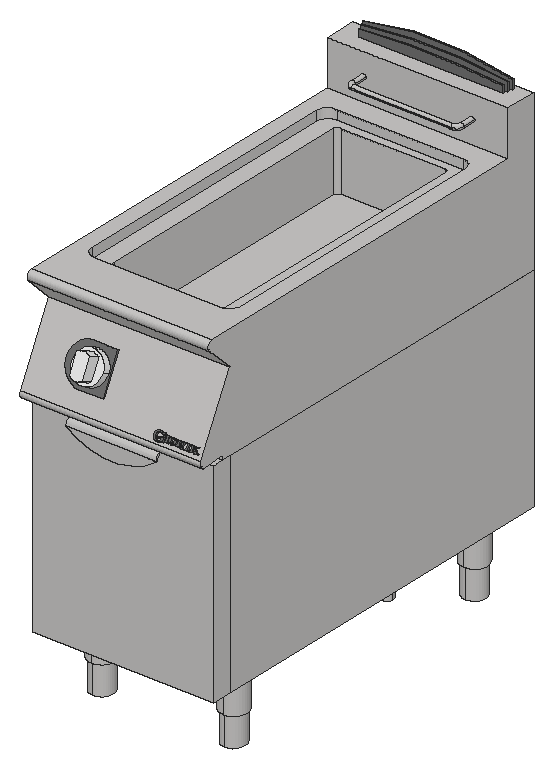
Revit family "QF_GIORIK_FG9113MT", category Specialty Equipment, Revit 2014
Parameters (values of type "FG9113MT")
  Weight in Pounds = 154.3234
  Watts = 100 W
  Volts = 230 V
  URL Cutsheet = "www.giorik.com"
  URL = "www.giorik.com"
  Status [instance] = ""
  Specification by User [instance] = ""
  Specification by Manufacturer = ""
  Show Logo [instance] = yes
  Show Clearance [instance] = yes
  Serial Number = ""
  Seismic Rating = ""
  SMACNA No = ""
  Revision Code [instance] = ""
  Phase = 1
  Number of Poles [instance] = 1
  NAFEM Spec ID Number = ""
  Model = "FG9113MT"
  Min Ckt Ampacity = 0 A
  Mechanical Remarks [instance] = "Natural Gas"
  Mechanical Connection Type [instance] = ""
  Max Overcurrent Protection = 0 A
  Masterspec = ""
  Manufacturer = "GIORIK"
  Item Number [instance] = ""
  Installed By [instance] = ""
  Identify Quantity as Lot [instance] = no
  HP = "0.134102000000"
  Gas Size = 1"
  Gas RI Height [instance] = 0 mm
  Gas KW = 11.5
  Gas Input = 11500 W
  Gas Connection Height [instance] = 150 mm
  Furnished By [instance] = ""
  Foodservice Equipment Identifier [instance] = yes
  FL Amps = 0 A
  Electrical Remarks [instance] = ""
  Electric Connection Type [instance] = ""
  Elec Conn RI Height [instance] = 0 mm
  Elec Conn Connection Height [instance] = 150 mm
  Description = "13 LITRE MELTING GAS FRYER."
  Cycle = 50 Hz
  Conn Plug = ""
  Conn Conduit [instance] = no
  CSI MasterFormat = ""
  Assembly Code = "E1090320"
  Apparent Power = 100 VA
Reference planes
  plane 1 "Back": y = 0
  plane 2: z = 0
  plane 3 "Left": x = 0
  plane 4 "Right": x = 400
  plane 5 "Front": y = -920
  plane 6 "Top": z = 900
Forms (mm)
  Extrusion 1, solid, visible <- "Show Logo"
    sketch origin (196.604, -935.76, 608.978) x (-1, 0, 0) y (0, 0.452718, 0.891654)
      loop
        line (-118.824, 58.358) -> (-127.804, 58.358) -> (-125.523, 56.445) -> (-125.523, 48.027) -> (-127.804, 46.113) -> (-118.824, 46.113) -> (-121.105, 48.027) -> (-121.105, 56.445) -> (-118.824, 58.358)
      loop
        line (-163.721, 58.358) -> (-172.7, 58.358) -> (-170.42, 56.445) -> (-170.42, 48.027) -> (-172.7, 46.113) -> (-163.721, 46.113) -> (-166.001, 48.027) -> (-166.001, 56.445) -> (-163.721, 58.358)
      loop
        line (-174.332, 58.358) -> (-183.312, 58.358) -> (-181.031, 56.445) -> (-181.031, 52.435) -> (-186.419, 56.955) -> (-184.416, 58.358) -> (-191.268, 58.358) -> (-188.01, 56.839) -> (-185.455, 54.283) -> (-190.846, 47.858) -> (-193.396, 46.93) -> (-193.396, 46.113) -> (-184.416, 46.113) -> (-185.437, 47.571) -> (-182.443, 51.552) -> (-181.031, 50.894) -> (-181.031, 48.027) -> (-183.312, 46.113) -> (-174.332, 46.113) -> (-176.613, 48.027) -> (-176.613, 56.445) -> (-174.332, 58.358)
      loop
        line (-115.429, 62.063) -> (-115.429, 54.198)
        arc (-115.429, 54.198) -> (-111.618, 57.803) -> (-106.847, 59.986) r 16.039
        arc (-106.847, 59.986) -> (-103.314, 59.837) -> (-100.512, 57.68) r 5.851
        arc (-100.512, 57.68) -> (-98.815, 52.267) -> (-100.512, 46.853) r 9.479
        arc (-100.512, 46.853) -> (-102.406, 44.986) -> (-104.846, 43.93) r 7.236
        arc (-104.846, 43.93) -> (-107.728, 44.111) -> (-110.052, 45.825) r 5.11
        line (-110.052, 45.825) -> (-110.052, 52.001) -> (-116.141, 52.001) -> (-116.141, 45.503) -> (-117.893, 43.751) -> (-114.094, 44.769)
        arc (-114.094, 44.769) -> (-112.56, 44.947) -> (-111.129, 44.366) r 3.115
        arc (-111.129, 44.366) -> (-104.216, 42.091) -> (-97.303, 44.366) r 11.641
        arc (-97.303, 44.366) -> (-93.396, 52.107) -> (-97.303, 59.849) r 9.622
        arc (-97.303, 59.849) -> (-104.369, 62.174) -> (-111.435, 59.849) r 11.898
        line (-111.435, 59.849) -> (-115.429, 62.063)
      loop
        arc (-129.234, 56.068) -> (-135.893, 58.628) -> (-142.552, 56.068) r 9.941
        arc (-142.552, 56.068) -> (-144.234, 52.286) -> (-142.552, 48.505) r 5.093
        arc (-142.552, 48.505) -> (-135.893, 45.945) -> (-129.234, 48.505) r 9.941
        arc (-129.234, 48.505) -> (-127.552, 52.286) -> (-129.234, 56.068) r 5.093
      loop
        arc (-132.628, 54.403) -> (-135.893, 57.668) -> (-139.158, 54.403) r 3.265
        line (-139.158, 54.403) -> (-139.158, 50.169)
        arc (-139.158, 50.169) -> (-135.893, 46.904) -> (-132.628, 50.169) r 3.265
        line (-132.628, 50.169) -> (-132.628, 54.403)
      loop
        arc (-156.363, 58.365) -> (-159.647, 55.081) -> (-156.363, 51.796) r 3.285
        line (-156.363, 51.796) -> (-159.529, 47.306) -> (-162.087, 46.113) -> (-155.847, 46.113) -> (-153.529, 51.083) -> (-150.637, 51.083) -> (-150.637, 47.784) -> (-153.022, 46.113) -> (-144.011, 46.113) -> (-146.094, 47.68) -> (-146.094, 56.493) -> (-144.229, 58.365) -> (-156.363, 58.365)
      loop
        line (-150.637, 57.512) -> (-153.637, 57.512)
        arc (-153.637, 57.512) -> (-156.237, 54.912) -> (-153.637, 52.312) r 2.6
        line (-153.637, 52.312) -> (-150.637, 52.312) -> (-150.637, 57.512)
      loop
        line (-108.924, 52.001) -> (-104.936, 49.005) -> (-100.948, 52.001) -> (-108.924, 52.001)
    from 1.5 to -0.5
  Extrusion 2, solid
    sketch origin (-16, 1025.81, 0) x (1, 0, 0) y (0, 1, 0)
      loop
        line (25, -1086.81) -> (25, -1156.81) -> (115, -1156.81) -> (115, -1086.81) -> (25, -1086.81)
    from 148 to 150
  Extrusion 3, solid
    sketch origin (-14, 0, 130) x (1, 0, 0) y (0, 1, 0)
      loop
        circle (54, -385) r 12.5
    from 0 to 20
  Extrusion 4, solid
    sketch origin (0, 800, -20) x (0, 1, 0) y (0, 0, 1)
      loop
        line (-800, 989.988) -> (-870, 989.988) -> (-870, 889.988) -> (-1688.669, 889.988)
        arc (-1688.669, 889.988) -> (-1699.014, 883.075) -> (-1696.586, 870.873) r 11.197
        line (-1696.586, 870.873) -> (-1640.738, 815.025) -> (-1718.81, 661.258)
        arc (-1718.81, 661.258) -> (-1718.095, 650.105) -> (-1707.98, 645.354) r 10.981
        line (-1707.98, 645.354) -> (-1659.862, 649.925) -> (-1659.862, 640) -> (-800, 640) -> (-800, 989.988)
    from 0 to 400
  Extrusion 5, solid
    sketch origin (0, -200, 599.536) x (1, 0, 0) y (0, 1, 0)
      loop
        line (0, -640) -> (40, -640) -> (40, 160) -> (360, 160) -> (360, -640) -> (400, -640) -> (400, 200) -> (0, 200) -> (0, -640)
    from -449.536 to 20.464
  Extrusion 6, solid
    sketch origin (0, -200, 0) x (1, 0, 0) y (0, 1, 0)
      loop
        line (40, 160) -> (40, -640) -> (360, -640) -> (360, 160) -> (40, 160)
    from 150 to 190
  Extrusion 7, solid
    sketch origin (-16, 360.81, 0) x (1, 0, 0) y (0, 1, 0)
      loop
        line (25, -1086.81) -> (25, -1156.81) -> (115, -1156.81) -> (115, -1086.81) -> (25, -1086.81)
    from 148 to 150
  Revolve 8, solid
    sketch origin (54, 360.81, 0) x (0, 1, 0) y (0, 0, 1)
      loop
        line (-1092.56, 66) -> (-1092.56, 148) -> (-1121.81, 148) -> (-1121.81, 0) -> (-1096.81, 0) -> (-1096.81, 66) -> (-1092.56, 66)
      axis (-1121.81, 0) -> (-1121.81, 148)
    angle from 0 to 360
  Revolve 9, solid
    sketch origin (54, 1025.81, 0) x (0, 1, 0) y (0, 0, 1)
      loop
        line (-1092.56, 66) -> (-1092.56, 148) -> (-1121.81, 148) -> (-1121.81, 0) -> (-1096.81, 0) -> (-1096.81, 66) -> (-1092.56, 66)
      axis (-1121.81, 0) -> (-1121.81, 148)
    angle from 0 to 360
  Extrusion 10, solid
    sketch origin (416, 360.81, 0) x (-1, 0, 0) y (0, -1, 0)
      loop
        line (25, 1086.81) -> (115, 1086.81) -> (115, 1156.81) -> (25, 1156.81) -> (25, 1086.81)
    from 148 to 150
  Revolve 11, solid
    sketch origin (346, 360.81, 0) x (0, 1, 0) y (0, 0, -1)
      loop
        line (-1092.56, -66) -> (-1096.81, -66) -> (-1096.81, 0) -> (-1121.81, 0) -> (-1121.81, -148) -> (-1092.56, -148) -> (-1092.56, -66)
      axis (-1121.81, 0) -> (-1121.81, -148)
    angle from 0 to 360
  Extrusion 12, solid
    sketch origin (416, -1217.81, 0) x (-1, 0, 0) y (0, -1, 0)
      loop
        line (25, -1086.81) -> (25, -1156.81) -> (115, -1156.81) -> (115, -1086.81) -> (25, -1086.81)
    from 148 to 150
  Revolve 13, solid
    sketch origin (346, -1217.81, 0) x (0, -1, 0) y (0, 0, 1)
      loop
        line (-1092.56, 66) -> (-1092.56, 148) -> (-1121.81, 148) -> (-1121.81, 0) -> (-1096.81, 0) -> (-1096.81, 66) -> (-1092.56, 66)
      axis (-1121.81, 0) -> (-1121.81, 148)
    angle from 0 to 360
  Extrusion 14, solid
    sketch origin (-293.221, -1163.345, 52.363) x (1, 0, 0) y (0, 0.452718, 0.891654)
      loop
        line (463.221, 676.25) -> (463.221, 766.25) -> (409.698, 766.25)
        arc (409.698, 766.25) -> (364.698, 721.25) -> (409.698, 676.25) r 45
        line (409.698, 676.25) -> (463.221, 676.25)
    from 48 to 50
  Extrusion 15, solid
    sketch origin (481.331, -1208.697, 74.959) x (-1, 0, 0) y (0, -0.45351, -0.891251)
      loop
        circle (351.331, -721.346) r 35
    from 0 to 15
  Extrusion 16, solid
    sketch origin (481.331, -1208.697, 74.959) x (-1, 0, 0) y (0, -0.45351, -0.891251)
      loop
        arc (336.331, -743.846) -> (351.331, -748.846) -> (366.331, -743.846) r 25
        line (366.331, -743.846) -> (366.331, -698.846)
        arc (366.331, -698.846) -> (351.331, -693.846) -> (336.331, -698.846) r 25
        line (336.331, -698.846) -> (336.331, -743.846)
    from 15 to 40
  Extrusion 17, solid
    sketch origin (-94, 0, 59.999) x (1, 0, 0) y (0, 0, 1)
      loop
        line (135, 909.989) -> (453, 909.989) -> (453, 925.527) -> (347.056, 931.749) -> (240.944, 931.749) -> (135, 925.527) -> (135, 909.989)
    from 32 to 35
  Extrusion 18, solid
    sketch origin (-92, 10, 59.999) x (1, 0, 0) y (0, 0, 1)
      loop
        line (454, 909.989) -> (454, 928.527) -> (346.162, 939.193) -> (237.838, 939.193) -> (130, 928.527) -> (130, 909.989) -> (454, 909.989)
    from 32 to 35
  Extrusion 19, solid
    sketch origin (-90, 20, 59.999) x (1, 0, 0) y (0, 0, 1)
      loop
        line (455, 909.989) -> (455, 930.527) -> (345.396, 947.413) -> (234.604, 947.413) -> (125, 930.527) -> (125, 909.989) -> (455, 909.989)
    from 32 to 35
  Extrusion 20, void
    sketch origin (0, -200, 819.988) x (0, 1, 0) y (-1, 0, 0)
      loop
        arc (80, -60) -> (72.678, -42.322) -> (55, -35) r 25
        line (55, -35) -> (-565.002, -35)
        arc (-565.002, -35) -> (-582.68, -42.322) -> (-590.002, -60) r 25
        line (-590.002, -60) -> (-590.002, -340)
        arc (-590.002, -340) -> (-582.68, -357.678) -> (-565.002, -365) r 25
        line (-565.002, -365) -> (55, -365)
        arc (55, -365) -> (72.678, -357.678) -> (80, -340) r 25
        line (80, -340) -> (80, -60)
    from -100 to 50
  Extrusion 21, solid
    sketch origin (0, -200, 900) x (0, 1, 0) y (-1, 0, 0)
      loop
        arc (80, -60) -> (72.678, -42.322) -> (55, -35) r 25
        line (55, -35) -> (-565.002, -35)
        arc (-565.002, -35) -> (-582.68, -42.322) -> (-590.002, -60) r 25
        line (-590.002, -60) -> (-590.002, -340)
        arc (-590.002, -340) -> (-582.68, -357.678) -> (-565.002, -365) r 25
        line (-565.002, -365) -> (55, -365)
        arc (55, -365) -> (72.678, -357.678) -> (80, -340) r 25
        line (80, -340) -> (80, -60)
      loop
        arc (60, -85.011) -> (57.071, -77.94) -> (50, -75.011) r 10
        line (50, -75.011) -> (-555.002, -75.011)
        arc (-555.002, -75.011) -> (-562.073, -77.94) -> (-565.002, -85.011) r 10
        line (-565.002, -85.011) -> (-565.002, -315)
        arc (-565.002, -315) -> (-562.073, -322.071) -> (-555.002, -325) r 10
        line (-555.002, -325) -> (50, -325)
        arc (50, -325) -> (57.071, -322.071) -> (60, -315) r 10
        line (60, -315) -> (60, -85.011)
    from -180.012 to -50
  Extrusion 22, solid
    sketch origin (0, -925, 0) x (1, 0, 0) y (0, 0, 1)
      loop
        line (0, 620) -> (0, 150) -> (400, 150) -> (400, 620) -> (0, 620)
    from -85 to -40
  Extrusion 23, solid
    sketch origin (0, -925, -20.1) x (0, 1, 0) y (0, 0, 1)
      loop
        arc (25, 640.1) -> (14.393, 635.707) -> (10, 625.1) r 15
        line (10, 625.1) -> (12, 625.1)
        arc (12, 625.1) -> (15.808, 634.292) -> (25, 638.1) r 13
        line (25, 638.1) -> (40, 638.1) -> (40, 640.1) -> (25, 640.1)
    from 97.5 to 297.5
  Extrusion 24, solid
    sketch origin (0, -924.905, -20.1) x (1, 0, 0) y (0, 0, 1)
      loop
        arc (97.5, 625.1) -> (197.5, 590.089) -> (297.5, 625.1) r 160.316
        line (297.5, 625.1) -> (97.5, 625.1)
    from -11.905 to -9.905
  Extrusion 25, solid, visible <- "Show Clearance", detail levels coarse
    sketch origin (395, -925, 0) x (-1, 0, 0) y (0, -1, 0)
      loop
        line (-5, -40) -> (395, -40)
        arc (395, -40) -> (277.534, 241.069) -> (-5, 354.968) r 395
        line (-5, 354.968) -> (-5, -40)
    from 150 to 620
  Extrusion 26, solid
    sketch origin (0, 0, 100) x (0, 1, 0) y (-1, 0, 0)
      loop
        circle (-380, -380) r 12.5
    from 30 to 50
  Sweep 27, solid
    path origin (0, 0, 919.988) x (0, 1, 0) y (-1, 0, 0)
      loop
        line (-70, -80) -> (-100, -80)
        arc (-100, -80) -> (-107.071, -82.929) -> (-110, -90) r 10
        line (-110, -90) -> (-110, -310)
        arc (-110, -310) -> (-107.071, -317.071) -> (-100, -320) r 10
        line (-100, -320) -> (-70, -320)
    profile origin (80, -85, 919.988) x (1, 0, 0) y (0, 0, 1)
      loop
        circle (0, 0) r 5
Cuts and joins
  Extrusion 20 cuts Extrusion 4
Lines and regions (mm)
  symbolic lines, style "200-EquipBorder-2D"
    curve 1: line (0, -920, 0) -> (400, -920, 0)
    curve 2: line (400, -920, 0) -> (400, 0, 0)
    curve 3: line (400, 0, 0) -> (0, 0, 0)
    curve 4: line (0, 0, 0) -> (0, -920, 0)
    curve 46: line (115, -927.413, 900) -> (115, -920, 900)
    curve 47: line (145, -927.413, 900) -> (145, -920, 900)
    curve 48: arc (145, -927.413, 900) -> (130, -929.894, 900) -> (115, -927.413, 900) r 46.582
  symbolic lines, style "200-EquipInternal-2D"
    curve 5: line (35, -12, 900) -> (365, -12, 900)
    curve 6: line (365, -12, 900) -> (365, -15, 900)
    curve 7: line (365, -15, 900) -> (35, -15, 900)
    curve 8: line (35, -15, 900) -> (35, -12, 900)
    curve 9: line (38, -22, 900) -> (362, -22, 900)
    curve 10: line (362, -22, 900) -> (362, -25, 900)
    curve 11: line (362, -25, 900) -> (38, -25, 900)
    curve 12: line (38, -25, 900) -> (38, -22, 900)
    curve 13: line (41, -32, 900) -> (359, -32, 900)
    curve 14: line (359, -32, 900) -> (359, -35, 900)
    curve 15: line (359, -35, 900) -> (41, -35, 900)
    curve 16: line (41, -35, 900) -> (41, -32, 900)
    curve 17: line (340, -120, 900) -> (60, -120, 900)
    curve 18: arc (60, -120, 900) -> (42.322, -127.322, 900) -> (35, -145, 900) r 25
    curve 19: line (35, -145, 900) -> (35, -765, 900)
    curve 20: arc (365, -145, 900) -> (357.678, -127.322, 900) -> (340, -120, 900) r 25
    curve 21: arc (340, -790, 900) -> (356.212, -784.031, 900) -> (364.682, -768.975, 900) r 25
    curve 22: line (60, -790, 900) -> (340, -790, 900)
    curve 23: arc (35, -765, 900) -> (42.322, -782.678, 900) -> (60, -790, 900) r 25
    curve 24: line (365, -765.002, 900) -> (365, -145, 900)
    curve 27: line (85, -140, 900) -> (315, -140, 900)
    curve 28: line (325, -150, 900) -> (325, -755.002, 900)
    curve 29: line (75, -755.002, 900) -> (75, -150, 900)
    curve 30: line (315, -765.002, 900) -> (85, -765.002, 900)
    curve 31: arc (85, -140, 900) -> (77.929, -142.929, 900) -> (75, -150, 900) r 10
    curve 32: arc (315, -140, 900) -> (322.071, -142.929, 900) -> (325, -150, 900) r 10
    curve 33: arc (75, -755.002, 900) -> (77.929, -762.073, 900) -> (85, -765.002, 900) r 10
    curve 34: arc (315, -765.002, 900) -> (322.071, -762.073, 900) -> (325, -755.002, 900) r 10
    curve 35: line (80, -70, 900) -> (80, -99.667, 900)
    curve 36: line (90, -100, 900) -> (90, -70, 900)
    curve 37: line (94.989, -104.989, 900) -> (315.27, -104.989, 900)
    curve 38: line (320.032, -100.227, 900) -> (320.032, -70, 900)
    curve 39: line (330.032, -70, 900) -> (330.032, -100.301, 900)
    curve 40: line (315.333, -115, 900) -> (95.333, -115, 900)
    curve 41: arc (95.333, -115, 900) -> (84.491, -110.509, 900) -> (80, -99.667, 900) r 15.333
    curve 42: arc (90, -100, 900) -> (91.461, -103.528, 900) -> (94.989, -104.989, 900) r 4.989
    curve 43: arc (315.333, -115, 900) -> (325.727, -110.695, 900) -> (330.032, -100.301, 900) r 14.699
    curve 44: arc (320.032, -100.227, 900) -> (318.637, -103.594, 900) -> (315.27, -104.989, 900) r 4.762
    curve 45: line (0, -70, 900) -> (400, -70, 900)
  symbolic lines, style "QF_Door-Drawer Clearances", visible <- "Show Clearance", detail levels coarse
    curve 25: arc (400, -1279.968, 0) -> (130.204, -1178.101, 0) -> (1.554, -920, 0) r 395
    curve 26: line (400, -920, 0) -> (400, -1279.968, 0)
Dimensions and locks
  plane 3 "Left" to plane 4 "Right" = 400 mm
  plane 5 "Front" to plane 1 "Back" = 920 mm
  plane 4 "Right" to plane 3 "Left" = 400 mm
  plane 1 "Back" to plane 5 "Front" = 920 mm
  plane 6 "Top" to level = 900 mm  (x2)
  aligned and locked: level to plane 2
Connectors
  electrical at (380, -380, 130), driven by "Apparent Power", driven by "Volts", driven by "Number of Poles"
    settings: on Extrusion 26, index 1, voltage 230 V, apparent load 0 VA, apparent load phase1 100 VA, apparent load phase2 0 VA, apparent load phase3 0 VA, power factor 1, load classification "Other", number of poles 1, system type 31, power factor state 1, is connector primary yes, connector utility no, sub classification motor no, connector description "Electrical connection"
  piping at (40, -385, 130), diameter 25.4, driven by "Gas Size"
    settings: on Extrusion 3, index 2, connector inside diameter 24", connector length 0 mm, flow factor 0, pipe flow 0.0 L/s, pressure drop 0.0 Pa, fitting loss kfactor 0, connector angle 0.00°, fixture units 0, engagement length 0 mm, angle of deflection 0.00°, flow configuration 1, flow direction 1, fitting loss method 0, system type 22, joint type 0, gender type 0, connector reference index -1, connector utility 0, adjustable connector no, is connector primary yes, connector description "Gas inlet"
